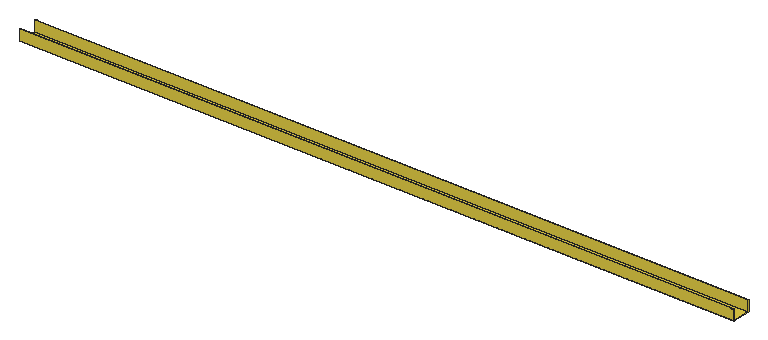
Revit family "GW_下部ガリッドランナー t=1.0", category 一般モデル, Revit 2021
Family settings
  鉄筋をホスト可能 = いいえ
  丸型コネクタ寸法 = 直径を使用
  パーツ タイプ = 標準
  作業面ベース = いいえ
  常に垂直 = はい
  ロード時にボイドで切り取り = いいえ
  共有 = いいえ
  部屋計算ポイント = いいえ
Parameters
  長さ [instance] = 4000.0 mm
  製造元 = "双日建材株式会社"
  既定の高さ = 0.0 mm
  マテリアル = ランナーt=1.0
  t = 1.0 mm
  H = 102.0 mm
  A = 60.0 mm
Reference planes
  plane 1 "中心(正面/背面)": y = 0
  plane 2: z = 0
  plane 3 "中心(左/右)": x = 0
  plane 4: y = 51
  plane 5: y = -51
  plane 6: y = -50
  plane 7: y = 50
  plane 8: z = 60
  plane 9: x = 4000
  plane 10: z = 1
Forms (mm)
  Extrusion 1, solid, material "ランナーt=1.0" <- "マテリアル"
    sketch origin (0, 0, 0) x (0, 1, 0) y (0, 0, 1)
      loop
        line (-50, 1) -> (-50, 60) -> (-51, 60) -> (-51, 0) -> (51, 0) -> (51, 60) -> (50, 60) -> (50, 1) -> (-50, 1)
    from 0 to 4000
Dimensions and locks
  "H": plane 5 to plane 4
  equal spacing: plane 5, plane 1 "中心(正面/背面)", plane 4
  "A": plane 8 to level
  "t": plane 7 to plane 4
  "t": plane 5 to plane 6
  "長さ": plane 3 "中心(左/右)" to plane 9
  "t": plane 10 to level
  aligned and locked: level to plane 2
  aligned and locked: plane 8 to Extrusion 1 sketch curve  (x2)
  aligned and locked: Extrusion 1 sketch curve to plane 4
  aligned and locked: plane 7 to Extrusion 1 sketch curve
  aligned and locked: plane 10 to Extrusion 1 sketch curve
  aligned and locked: Extrusion 1 sketch curve to level
  aligned and locked: Extrusion 1 sketch curve to plane 6
  aligned and locked: plane 5 to Extrusion 1 sketch curve
  aligned and locked: Extrusion 1 to plane 3 "中心(左/右)"
  aligned and locked: plane 9 to Extrusion 1
